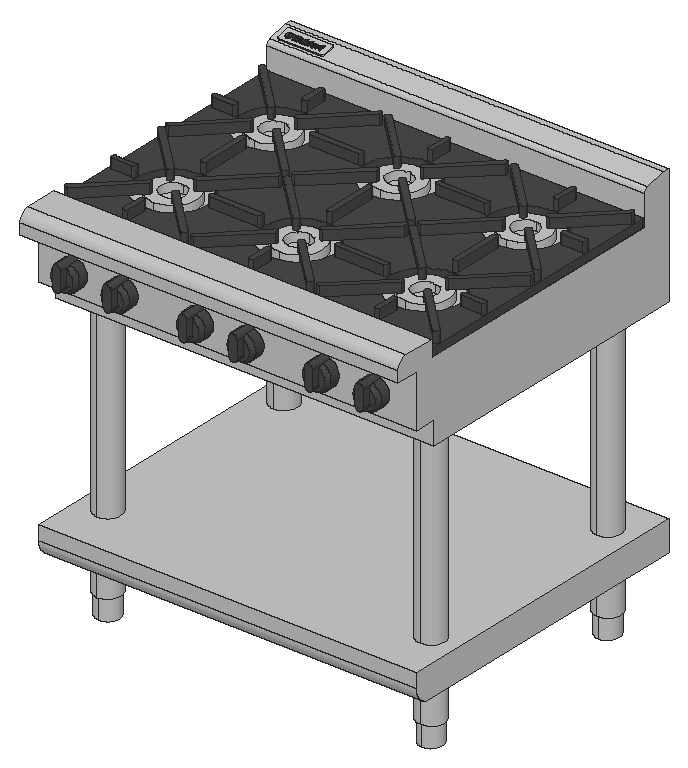
Revit family "QF_MOFFAT WALDORF_RNL8600G-LS", category Specialty Equipment, Revit 2012 (continued)
Automatic sketch dimensions
  curve 64 to curve 68 = 62.23 mm
  curve 57 to curve 62 = 62.23 mm
  curve 121 to curve 125 = 18.816 mm
  curve 123 to curve 123 = 20.0 mm
  curve 125 to curve 128 = 15.0 mm
  curve 127 to curve 57 = 15.65 mm
  plane 7 "Center Y" to curve 64 = 142.845 mm
  plane 8 "Center X" to curve 61 = 20.549 mm
  plane 7 "Center Y" to curve 61 = 144.464 mm
  plane 8 "Center X" to curve 67 = 9.451 mm
  curve 67 to curve 61 = 0.0 mm
  curve 128 to curve 130 = 20.0 mm
  curve 64 to curve 49 = 7.155 mm
  plane 8 "Center X" to curve 74 = 20.549 mm
  curve 61 to curve 74 = 11.072 mm
  plane 8 "Center X" to curve 80 = 9.451 mm
  curve 67 to curve 80 = 11.072 mm
  curve 64 to curve 77 = 14.31 mm
  curve 57 to curve 70 = 14.31 mm
  curve 127 to curve 132 = 15.0 mm
  curve 132 to curve 133 = 20.0 mm
  curve 133 to curve 137 = 15.0 mm
  curve 68 to curve 68 = 116.17 mm
  curve 62 to curve 62 = 116.17 mm
  curve 135 to curve 138 = 20.0 mm
  curve 68 to curve 77 = 62.184 mm
  curve 62 to curve 70 = 62.184 mm
  curve 77 to curve 80 = 1.916 mm
  curve 70 to curve 74 = 1.916 mm
  plane 13 to curve 71 = 85.221 mm
  curve 74 to curve 24 = 27.791 mm
  curve 80 to curve 31 = 27.791 mm
  curve 32 to curve 82 = 0.098 mm
  curve 32 to curve 76 = 0.154 mm
  curve 23 to curve 73 = 27.88 mm
  curve 31 to curve 79 = 27.88 mm
  curve 25 to curve 72 = 29.796 mm
  curve 34 to curve 78 = 29.796 mm
  curve 75 to plane 13 = 1.906 mm
  curve 81 to plane 13 = 1.906 mm
  plane 4 "RIGHT" to curve 79 = 8.983 mm
  plane 4 "RIGHT" to curve 73 = 8.983 mm
  plane 4 "RIGHT" to curve 72 = 7.067 mm
  plane 4 "RIGHT" to curve 78 = 7.067 mm
  plane 4 "RIGHT" to curve 81 = 4.536 mm
  plane 4 "RIGHT" to curve 75 = 4.536 mm
  curve 48 to plane 5 "FRONT" = 100.0 mm
  curve 82 to plane 5 "FRONT" = 121.703 mm
  curve 56 to plane 5 "FRONT" = 121.703 mm
  curve 69 to plane 5 "FRONT" = 121.703 mm
  curve 48 to curve 51 = 24.023 mm
  curve 5 to curve 78 = 24.023 mm
  curve 51 to curve 65 = 0.0 mm
  curve 5 to curve 50 = 25.084 mm
  curve 49 to curve 77 = 25.084 mm
  curve 64 to curve 77 = 0.0 mm
  curve 82 to curve 82 = 58.757 mm
  curve 69 to curve 69 = 58.757 mm
  curve 56 to curve 56 = 58.757 mm
  curve 82 to curve 32 = 2.958 mm
  curve 56 to curve 27 = 2.958 mm
  curve 69 to curve 29 = 2.958 mm
  curve 27 to curve 37 = 27.082 mm
  curve 29 to curve 35 = 27.082 mm
  curve 31 to curve 33 = 27.082 mm
  curve 37 to curve 51 = 26.66 mm
  curve 36 to curve 65 = 26.66 mm
  curve 34 to curve 78 = 26.66 mm
  curve 38 to curve 50 = 27.721 mm
  curve 33 to curve 77 = 27.721 mm
  curve 35 to curve 64 = 27.721 mm
  curve 78 to curve 81 = 30.017 mm
  curve 77 to curve 68 = 28.957 mm
  curve 50 to curve 55 = 28.957 mm
  curve 50 to curve 28 = 29.279 mm
  curve 64 to curve 30 = 29.279 mm
  curve 77 to curve 32 = 29.279 mm
  curve 65 to curve 52 = 31.077 mm
  curve 27 to curve 54 = 27.778 mm
  curve 31 to curve 79 = 27.778 mm
  curve 29 to curve 67 = 27.778 mm
  curve 29 to curve 66 = 27.778 mm
  curve 27 to curve 53 = 27.778 mm
  curve 31 to curve 80 = 27.778 mm
  curve 32 to curve 76 = 4.009 mm
  curve 29 to curve 63 = 4.009 mm
  curve 28 to curve 46 = 4.009 mm
  plane 8 "Center X" to curve 79 = 5.915 mm
  plane 8 "Center X" to curve 54 = 9.451 mm
  curve 54 to curve 47 = 5.549 mm
  curve 47 to curve 44 = 5.549 mm
  curve 47 to curve 73 = 9.085 mm
  plane 8 "Center X" to curve 63 = 78.091 mm
  plane 8 "Center X" to curve 76 = 78.091 mm
  plane 8 "Center X" to curve 46 = 78.091 mm
  curve 46 to curve 16 = 2.826 mm
  curve 76 to curve 23 = 2.826 mm
  curve 63 to curve 19 = 2.826 mm
  curve 19 to curve 21 = 27.082 mm
  curve 23 to curve 26 = 27.082 mm
  curve 15 to curve 18 = 27.082 mm
  curve 25 to curve 74 = 29.222 mm
  curve 18 to curve 44 = 29.222 mm
  curve 22 to curve 61 = 29.222 mm
  curve 26 to curve 73 = 29.222 mm
  curve 21 to curve 60 = 29.222 mm
  curve 17 to curve 43 = 29.222 mm
  curve 43 to curve 42 = 27.04 mm
  curve 61 to curve 20 = 27.778 mm
  curve 43 to curve 15 = 27.778 mm
  curve 74 to curve 26 = 27.778 mm
  curve 44 to curve 45 = 28.101 mm
  curve 61 to curve 62 = 28.101 mm
  curve 73 to curve 75 = 28.101 mm
  curve 70 to curve 25 = 27.721 mm
  curve 39 to curve 17 = 27.721 mm
  curve 57 to curve 21 = 27.721 mm
  curve 72 to curve 25 = 26.66 mm
  curve 59 to curve 22 = 26.66 mm
  curve 41 to curve 18 = 26.66 mm
  curve 16 to curve 40 = 2.576 mm
  curve 20 to curve 58 = 2.576 mm
  curve 23 to curve 71 = 2.576 mm
  plane 1 "BACK" to curve 70 = 95.084 mm
  plane 1 "BACK" to curve 39 = 95.084 mm
  curve 57 to curve 70 = 0.0 mm
  plane 1 "BACK" to curve 41 = 94.023 mm
  curve 41 to curve 59 = 0.0 mm
  plane 1 "BACK" to curve 72 = 94.023 mm
  curve 58 to curve 58 = 60.0 mm
  curve 71 to curve 71 = 60.0 mm
  curve 40 to curve 40 = 60.0 mm
  curve 39 to curve 6 = 25.084 mm
  curve 6 to curve 7 = 14.3 mm
  curve 49 to curve 132 = 19.218 mm
  curve 131 to curve 138 = 0.0 mm
  curve 127 to curve 131 = 0.0 mm
  curve 8 to curve 12 = 4.918 mm
  curve 11 to curve 83 = 0.0 mm
  curve 126 to curve 127 = 0.0 mm
  curve 83 to curve 87 = 0.0 mm
  curve 122 to curve 123 = 0.0 mm
  curve 48 to curve 91 = 19.218 mm
  curve 118 to curve 119 = 0.0 mm
  curve 48 to curve 95 = 19.218 mm
  curve 114 to curve 115 = 0.0 mm
  curve 95 to curve 99 = 0.0 mm
  curve 110 to curve 111 = 0.0 mm
  curve 103 to curve 107 = 0.0 mm
  plane 1 "BACK" to curve 7 = 21.784 mm
  plane 1 "BACK" to curve 102 = 20.984 mm
  plane 1 "BACK" to curve 108 = 20.984 mm
  curve 98 to curve 100 = 0.0 mm
  curve 109 to curve 112 = 0.0 mm
  curve 94 to curve 96 = 0.0 mm
  curve 113 to curve 116 = 0.0 mm
  curve 101 to curve 104 = 0.0 mm
  curve 90 to curve 92 = 0.0 mm
  curve 117 to curve 120 = 0.0 mm
  curve 86 to curve 88 = 0.0 mm
  curve 121 to curve 124 = 0.0 mm
  curve 14 to curve 84 = 0.0 mm
  curve 125 to curve 128 = 0.0 mm
  curve 129 to curve 132 = 0.0 mm
  plane 1 "BACK" to curve 138 = 20.984 mm
  Extrusion 1 sketch curve to plane 5 "FRONT" = 0.0 mm
  plane 10 to Extrusion 1 sketch curve = 0.0 mm
  Extrusion 1 sketch curve to plane 9 "Base Height" = 0.0 mm
  Extrusion 1 sketch curve to plane 6 "TOP" = 0.0 mm
  Extrusion 1 sketch curve to plane 1 "BACK" = 0.0 mm  (x2)
  Extrusion 1 sketch curve to plane 5 "FRONT" = 24.0 mm
  Extrusion 1 sketch curve to plane 5 "FRONT" = 56.0 mm  (x2)
  Extrusion 1 sketch curve to Extrusion 1 sketch curve = 38.0 mm
  Extrusion 1 sketch curve to Extrusion 1 sketch curve = 44.0 mm
  Extrusion 1 sketch curve to Extrusion 1 sketch curve = 50.0 mm  (x2)
  plane 1 "BACK" to Extrusion 1 sketch curve = 70.0 mm
  Extrusion 1 sketch curve to Extrusion 1 sketch curve = 8.894 mm
  Extrusion 1 sketch curve to Extrusion 1 sketch curve = 3.106 mm
  plane 1 "BACK" to Extrusion 1 sketch curve = 15.0 mm
  plane 9 "Base Height" to Extrusion 1 sketch curve = 72.5 mm
  Extrusion 1 sketch curve to Extrusion 1 sketch curve = 206.0 mm
  Extrusion 1 sketch curve to Extrusion 1 sketch curve = 55.0 mm
  Extrusion 1 sketch curve to Extrusion 1 sketch curve = 25.0 mm
  plane 10 to Extrusion 1 sketch curve = 40.0 mm
  Extrusion 1 sketch curve to plane 6 "TOP" = 23.945 mm
  Revolve 2 sketch curve to plane 5 "FRONT" = 56.0 mm
  Revolve 2 sketch curve to Revolve 2 sketch curve = 10.0 mm
  Revolve 2 sketch curve to Revolve 2 sketch curve = 21.3 mm
  Revolve 2 sketch curve to plane 5 "FRONT" = 23.0 mm
  Revolve 2 sketch curve to plane 5 "FRONT" = 12.0 mm
  Revolve 2 sketch curve to Revolve 2 sketch curve = 0.0 mm  (x2)
  plane 10 to Revolve 2 sketch curve = 117.895 mm
  Revolve 2 sketch curve to Revolve 2 sketch curve = 5.0 mm
  Revolve 2 sketch curve to Revolve 2 sketch curve = 26.651 mm
  Revolve 2 sketch curve to Revolve 2 sketch curve = 5.849 mm
  plane 12 to Extrusion 3 sketch curve = 135.0 mm
  Extrusion 3 sketch curve to Extrusion 3 sketch curve = 10.0 mm
  plane 10 to Extrusion 3 sketch curve = 129.997 mm
  Extrusion 3 sketch curve to Extrusion 3 sketch curve = 38.997 mm
  plane 1 "BACK" to Extrusion 4 sketch curve = 32.0 mm
  plane 13 to Extrusion 4 sketch curve = 65.0 mm
  Revolve 5 sketch curve to plane 5 "FRONT" = 12.0 mm
  Revolve 5 sketch curve to Revolve 5 sketch curve = 0.0 mm  (x2)
  Revolve 5 sketch curve to Revolve 5 sketch curve = 11.0 mm
  Revolve 5 sketch curve to Revolve 5 sketch curve = 12.7 mm
  Revolve 5 sketch curve to Revolve 5 sketch curve = 23.0 mm
  Revolve 5 sketch curve to Revolve 5 sketch curve = 10.0 mm
  plane 10 to Revolve 5 sketch curve = 85.627 mm
  Revolve 5 sketch curve to Revolve 5 sketch curve = 5.849 mm
  Revolve 5 sketch curve to Revolve 5 sketch curve = 27.5 mm
  Revolve 5 sketch curve to Revolve 5 sketch curve = 5.0 mm
  plane 12 to Extrusion 6 sketch curve = 35.0 mm
  Extrusion 6 sketch curve to Extrusion 6 sketch curve = 10.0 mm
  plane 10 to Extrusion 6 sketch curve = 91.0 mm
  Extrusion 6 sketch curve to Extrusion 6 sketch curve = 39.0 mm
  Extrusion 1 to Extrusion 7 sketch curve = 1.0 mm  (x2)
  Extrusion 7 sketch curve to Extrusion 7 sketch curve = 3.0 mm  (x2)
  Extrusion 1 to Extrusion 7 sketch curve = 167.5 mm  (x3)
  Extrusion 7 sketch curve to Extrusion 1 = 167.5 mm  (x3)
  Extrusion 7 sketch curve to Extrusion 1 = 4.0 mm  (x2)
  Extrusion 7 sketch curve to Extrusion 1 = 1.0 mm
  Extrusion 1 to Extrusion 7 sketch curve = 150.0 mm  (x4)
  Extrusion 7 sketch curve to Extrusion 7 sketch curve = 300.0 mm
  Extrusion 8 sketch curve to Extrusion 7 = 22.602 mm  (x6)
  Extrusion 8 sketch curve to Extrusion 7 = 25.398 mm  (x6)
  Extrusion 8 sketch curve to Extrusion 8 sketch curve = 4.525 mm  (x48)
  Extrusion 8 sketch curve to Extrusion 8 sketch curve = 49.204 mm  (x5)
  Extrusion 8 sketch curve to Extrusion 8 sketch curve = 55.923 mm  (x22)
  Extrusion 8 sketch curve to Extrusion 8 sketch curve = 0.0 mm  (x18)
  Extrusion 8 sketch curve to Extrusion 8 sketch curve = 20.524 mm  (x17)
  Extrusion 8 sketch curve to Extrusion 7 = 7.898 mm  (x4)
  Extrusion 8 sketch curve to Extrusion 8 sketch curve = 6.4 mm  (x17)
  Extrusion 8 sketch curve to Extrusion 8 sketch curve = 53.847 mm  (x24)
  Extrusion 8 sketch curve to Extrusion 7 = 5.102 mm  (x5)
  Extrusion 8 sketch curve to Extrusion 8 sketch curve = 128.447 mm  (x10)
  Extrusion 8 sketch curve to Extrusion 8 sketch curve = 12.205 mm  (x14)
  Extrusion 8 sketch curve to Extrusion 7 = 14.153 mm  (x3)
  Extrusion 8 sketch curve to Extrusion 8 sketch curve = 116.204 mm  (x7)
  Extrusion 8 sketch curve to Extrusion 7 = 31.653 mm  (x4)
  Extrusion 8 sketch curve to Extrusion 7 = 57.102 mm  (x2)
  Extrusion 1 to Split face 1 sketch curve = 5.177 mm
  Split face 1 sketch curve to Extrusion 1 = 9.153 mm
  Split face 1 sketch curve to Extrusion 1 = 149.562 mm
  Split face 1 sketch curve to Split face 1 sketch curve = 20.0 mm
  Revolve 9 sketch curve to plane 5 "FRONT" = 56.0 mm
  Revolve 9 sketch curve to Revolve 9 sketch curve = 10.0 mm
  Revolve 9 sketch curve to Revolve 9 sketch curve = 21.3 mm
  Revolve 9 sketch curve to plane 5 "FRONT" = 23.0 mm
  Revolve 9 sketch curve to plane 5 "FRONT" = 12.0 mm
  Revolve 9 sketch curve to Revolve 9 sketch curve = 0.0 mm  (x2)
  plane 10 to Revolve 9 sketch curve = 117.895 mm
  Revolve 9 sketch curve to Revolve 9 sketch curve = 5.0 mm
  Revolve 9 sketch curve to Revolve 9 sketch curve = 26.651 mm
  Revolve 9 sketch curve to Revolve 9 sketch curve = 5.849 mm
  plane 7 "Center Y" to Extrusion 10 sketch curve = 50.0 mm
  Extrusion 10 sketch curve to Extrusion 10 sketch curve = 10.0 mm
  plane 10 to Extrusion 10 sketch curve = 129.997 mm
  Extrusion 10 sketch curve to Extrusion 10 sketch curve = 38.997 mm
  Revolve 11 sketch curve to plane 5 "FRONT" = 12.0 mm
  Revolve 11 sketch curve to Revolve 11 sketch curve = 0.0 mm  (x2)
  Revolve 11 sketch curve to Revolve 11 sketch curve = 11.0 mm
  Revolve 11 sketch curve to Revolve 11 sketch curve = 12.7 mm
  Revolve 11 sketch curve to Revolve 11 sketch curve = 23.0 mm
  Revolve 11 sketch curve to Revolve 11 sketch curve = 10.0 mm
  plane 10 to Revolve 11 sketch curve = 85.627 mm
  Revolve 11 sketch curve to Revolve 11 sketch curve = 5.849 mm
  Revolve 11 sketch curve to Revolve 11 sketch curve = 27.5 mm
  Revolve 11 sketch curve to Revolve 11 sketch curve = 5.0 mm
  Extrusion 12 sketch curve to plane 7 "Center Y" = 50.0 mm
  Extrusion 12 sketch curve to Extrusion 12 sketch curve = 10.0 mm
  plane 10 to Extrusion 12 sketch curve = 91.0 mm
  Extrusion 12 sketch curve to Extrusion 12 sketch curve = 39.0 mm
  Revolve 13 sketch curve to Revolve 13 sketch curve = 23.0 mm
  Revolve 13 sketch curve to Revolve 13 sketch curve = 12.7 mm
  Revolve 13 sketch curve to Revolve 13 sketch curve = 0.0 mm  (x2)
  plane 10 to Revolve 13 sketch curve = 117.895 mm
  Revolve 13 sketch curve to Revolve 13 sketch curve = 5.0 mm
  Revolve 13 sketch curve to Revolve 13 sketch curve = 26.651 mm
  Revolve 13 sketch curve to Revolve 13 sketch curve = 5.849 mm
  plane 13 to Extrusion 14 sketch curve = 35.0 mm
  Extrusion 14 sketch curve to Extrusion 14 sketch curve = 10.0 mm
  plane 10 to Extrusion 14 sketch curve = 129.997 mm
  Extrusion 14 sketch curve to Extrusion 14 sketch curve = 38.997 mm
  Revolve 15 sketch curve to plane 5 "FRONT" = 12.0 mm
  Revolve 15 sketch curve to Revolve 15 sketch curve = 0.0 mm  (x2)
  Revolve 15 sketch curve to Revolve 15 sketch curve = 11.0 mm
  Revolve 15 sketch curve to Revolve 15 sketch curve = 12.7 mm
  Revolve 15 sketch curve to Revolve 15 sketch curve = 23.0 mm
  Revolve 15 sketch curve to Revolve 15 sketch curve = 10.0 mm
  plane 10 to Revolve 15 sketch curve = 85.627 mm
  Revolve 15 sketch curve to Revolve 15 sketch curve = 5.849 mm
  Revolve 15 sketch curve to Revolve 15 sketch curve = 27.5 mm
  Revolve 15 sketch curve to Revolve 15 sketch curve = 5.0 mm
  plane 13 to Extrusion 16 sketch curve = 135.0 mm
  Extrusion 16 sketch curve to Extrusion 16 sketch curve = 10.0 mm
  plane 10 to Extrusion 16 sketch curve = 91.0 mm
  Extrusion 16 sketch curve to Extrusion 16 sketch curve = 39.0 mm
  Revolve 17 sketch curve to plane 9 "Base Height" = 0.0 mm
  Revolve 17 sketch curve to level = 0.0 mm
  level to Revolve 17 sketch curve = 50.0 mm
  plane 1 "BACK" to Revolve 17 sketch curve = 131.75 mm
  Revolve 17 sketch curve to Revolve 17 sketch curve = 4.25 mm
  Revolve 17 sketch curve to Revolve 17 sketch curve = 27.5 mm  (x2)
  Revolve 17 sketch curve to Revolve 17 sketch curve = 55.0 mm
  Revolve 17 sketch curve to Revolve 17 sketch curve = 0.0 mm
  Revolve 18 sketch curve to plane 9 "Base Height" = 0.0 mm
  Revolve 18 sketch curve to level = 0.0 mm
  level to Revolve 18 sketch curve = 50.0 mm
  Revolve 18 sketch curve to plane 5 "FRONT" = 148.25 mm
  Revolve 18 sketch curve to Revolve 18 sketch curve = 4.25 mm
  Revolve 18 sketch curve to Revolve 18 sketch curve = 27.5 mm  (x2)
  Revolve 18 sketch curve to Revolve 18 sketch curve = 55.0 mm
  Revolve 18 sketch curve to Revolve 18 sketch curve = 0.0 mm
  Revolve 19 sketch curve to plane 9 "Base Height" = 0.0 mm
  Revolve 19 sketch curve to level = 0.0 mm
  level to Revolve 19 sketch curve = 50.0 mm
  plane 1 "BACK" to Revolve 19 sketch curve = 131.75 mm
  Revolve 19 sketch curve to Revolve 19 sketch curve = 4.25 mm
  Revolve 19 sketch curve to Revolve 19 sketch curve = 27.5 mm  (x2)
  Revolve 19 sketch curve to Revolve 19 sketch curve = 0.0 mm
  Revolve 19 sketch curve to Revolve 19 sketch curve = 55.0 mm
  Revolve 20 sketch curve to plane 9 "Base Height" = 0.0 mm
  Revolve 20 sketch curve to level = 0.0 mm
  level to Revolve 20 sketch curve = 50.0 mm
  Revolve 20 sketch curve to plane 5 "FRONT" = 148.25 mm
  Revolve 20 sketch curve to Revolve 20 sketch curve = 4.25 mm
  Revolve 20 sketch curve to Revolve 20 sketch curve = 27.5 mm  (x2)
  Revolve 20 sketch curve to Revolve 20 sketch curve = 0.0 mm
  Revolve 20 sketch curve to Revolve 20 sketch curve = 55.0 mm
  Extrusion 21 sketch curve to Extrusion 21 sketch curve = 0.0 mm  (x8)
  Extrusion 21 sketch curve to plane 12 = 0.0 mm  (x2)
  Extrusion 21 sketch curve to plane 13 = 0.0 mm  (x2)
  plane 1 "BACK" to Extrusion 21 sketch curve = 68.25 mm  (x2)
  Extrusion 21 sketch curve to Extrusion 21 sketch curve = 31.75 mm  (x4)
  Extrusion 21 sketch curve to plane 8 "Center X" = 190.75 mm  (x2)
  Extrusion 1 to Split face 2 sketch curve = 5.177 mm
  Split face 2 sketch curve to Extrusion 1 = 9.153 mm
  Split face 2 sketch curve to Extrusion 1 = 184.562 mm
  Split face 2 sketch curve to Split face 2 sketch curve = 20.0 mm
  Extrusion 1 to Split face 3 sketch curve = 5.177 mm
  Split face 3 sketch curve to Extrusion 1 = 9.153 mm
  Split face 3 sketch curve to Extrusion 1 = 219.562 mm
  Split face 3 sketch curve to Split face 3 sketch curve = 20.0 mm
  Extrusion 1 to Split face 4 sketch curve = 5.177 mm
  Split face 4 sketch curve to Extrusion 1 = 9.153 mm
  Split face 4 sketch curve to Extrusion 1 = 254.562 mm
  Split face 4 sketch curve to Split face 4 sketch curve = 20.0 mm
  Extrusion 1 to Split face 5 sketch curve = 5.177 mm
  Split face 5 sketch curve to Extrusion 1 = 9.153 mm
  Split face 5 sketch curve to Extrusion 1 = 289.562 mm
  Split face 5 sketch curve to Split face 5 sketch curve = 20.0 mm
  Extrusion 1 to Split face 6 sketch curve = 5.177 mm
  Split face 6 sketch curve to Extrusion 1 = 9.153 mm
  Split face 6 sketch curve to Extrusion 1 = 324.562 mm
  Split face 6 sketch curve to Split face 6 sketch curve = 20.0 mm
  Extrusion 1 to Split face 7 sketch curve = 5.177 mm
  Split face 7 sketch curve to Extrusion 1 = 9.153 mm
  Split face 7 sketch curve to Extrusion 1 = 359.562 mm
  Split face 7 sketch curve to Split face 7 sketch curve = 20.0 mm
  Extrusion 1 to Split face 8 sketch curve = 5.177 mm
  Split face 8 sketch curve to Extrusion 1 = 9.153 mm
  Split face 8 sketch curve to Extrusion 1 = 398.379 mm
  Split face 8 sketch curve to Split face 8 sketch curve = 20.0 mm
  Extrusion 1 to Split face 9 sketch curve = 5.177 mm
  Split face 9 sketch curve to Extrusion 1 = 9.153 mm
  Split face 9 sketch curve to Extrusion 1 = 433.379 mm
  Split face 9 sketch curve to Split face 9 sketch curve = 20.0 mm
  Extrusion 1 to Split face 10 sketch curve = 5.177 mm
  Split face 10 sketch curve to Extrusion 1 = 9.153 mm
  Split face 10 sketch curve to Extrusion 1 = 431.621 mm
  Split face 10 sketch curve to Split face 10 sketch curve = 20.0 mm
  Extrusion 1 to Split face 11 sketch curve = 5.177 mm
  Split face 11 sketch curve to Extrusion 1 = 9.153 mm
  Split face 11 sketch curve to Extrusion 1 = 396.621 mm
  Split face 11 sketch curve to Split face 11 sketch curve = 20.0 mm
  Extrusion 1 to Split face 12 sketch curve = 5.177 mm
  Split face 12 sketch curve to Extrusion 1 = 9.153 mm
  Split face 12 sketch curve to Extrusion 1 = 357.805 mm
  Split face 12 sketch curve to Split face 12 sketch curve = 20.0 mm
  Extrusion 1 to Split face 13 sketch curve = 5.177 mm
  Split face 13 sketch curve to Extrusion 1 = 9.153 mm
  Split face 13 sketch curve to Extrusion 1 = 322.805 mm
  Split face 13 sketch curve to Split face 13 sketch curve = 20.0 mm
  Extrusion 1 to Split face 14 sketch curve = 5.177 mm
  Split face 14 sketch curve to Extrusion 1 = 9.153 mm
  Split face 14 sketch curve to Extrusion 1 = 287.805 mm
  Split face 14 sketch curve to Split face 14 sketch curve = 20.0 mm
  Extrusion 1 to Split face 15 sketch curve = 5.177 mm
  Split face 15 sketch curve to Extrusion 1 = 9.153 mm
  Split face 15 sketch curve to Extrusion 1 = 252.805 mm
  Split face 15 sketch curve to Split face 15 sketch curve = 20.0 mm
  Extrusion 7 sketch curve to Extrusion 7 sketch curve = 0.0 mm
  Extrusion 22 sketch curve to Extrusion 22 sketch curve = 0.0 mm  (x73)
  Extrusion 1 to Extrusion 22 sketch curve = 110.5 mm  (x3)
  Extrusion 22 sketch curve to Extrusion 22 sketch curve = 27.0 mm  (x6)
  Extrusion 22 sketch curve to Extrusion 22 sketch curve = 30.0 mm  (x6)
  Extrusion 22 sketch curve to Extrusion 22 sketch curve = 186.0 mm  (x3)
  Extrusion 1 to Extrusion 22 sketch curve = 150.0 mm  (x4)
  Extrusion 22 sketch curve to Extrusion 22 sketch curve = 300.0 mm
  curve 15 to curve 139 = 0.0 mm  (x2)
  curve 17 to curve 140 = 27.0 mm
  curve 19 to curve 141 = 0.0 mm  (x2)
  curve 21 to curve 142 = 27.0 mm
  curve 23 to curve 143 = 0.0 mm  (x2)
  curve 25 to curve 143 = 27.0 mm
  curve 31 to curve 145 = 0.0 mm  (x2)
  curve 33 to curve 146 = 27.0 mm
  curve 29 to curve 147 = 0.0 mm  (x2)
  curve 35 to curve 147 = 27.0 mm
  curve 27 to curve 149 = 0.0 mm  (x2)
  curve 37 to curve 149 = 27.0 mm
  radius of Extrusion 4 sketch curve = 13.5 mm
  radius of Extrusion 7 sketch curve = 84.082 mm  (x6)
Nested families
  nested 1: "RNL8600G-LS-CASTERS" at (65, -100, 0), Show Casters <- "Show Casters", visible <- "Show Casters", type "RNL8600G-LS-CASTERS"
    with Type Mark "", Status "", Specification by User "", Show Casters no, Revision Code "", Item Number "", Installed By "", Identify Quantity as Lot yes, Furnished By "", Foodservice Equipment Identifier yes
  nested 2: "RNL8600G-LS-CASTERS" at (835, -100, 0), Show Casters <- "Show Casters", visible <- "Show Casters", type "RNL8600G-LS-CASTERS"
    with Type Mark "", Status "", Specification by User "", Show Casters no, Revision Code "", Item Number "", Installed By "", Identify Quantity as Lot yes, Furnished By "", Foodservice Equipment Identifier yes
  nested 3: "WALDORF LOGO_FACE BASE" at (12.5, -23.204, 967.802) x (1, 0, 0) z (0, -0.2588, 0.9659), visible <- "Show Logo", type "WALDORF LOGO_FACE BASE", detail levels medium+fine
    with Show Logo yes
Connectors
  piping at (770, -32, 655)
    settings: on Extrusion 4, index 3, connector radius 0.37402", flow factor 0, pipe flow 0 GPM, pressure drop 0.00 psi, fitting loss kfactor 0, connector angle 0.00°, fixture units 0, engagement length 0.0 mm, flow configuration 1, flow direction 1, fitting loss method 0, system type 7, joint type 0, gender type 0, connector reference index -1, connector utility 0, adjustable connector no, is connector primary yes, fitting loss table "", connector description "GAS CONNECTION"
Definition of nested family "WALDORF LOGO_FACE BASE"
  Parameters (values of type "WALDORF LOGO_FACE BASE")
    Show Logo [instance] = yes
    Default Elevation = 1219.2 mm
  Reference planes
    plane 1 "Center (Front/Back)": y = 0
    plane 2: z = 0
    plane 3 "Center (Left/Right)": x = 0
  Forms (mm)
    Extrusion 1, solid
      sketch origin (0, 0, 0) x (1, 0, 0) y (0, 1, 0)
        loop
          line (-1219.2, 1219.2) -> (-1219.2, -1219.2) -> (1219.2, -1219.2) -> (1219.2, 1219.2) -> (-1219.2, 1219.2)
      from 0 to -304.8
    Extrusion 2, solid, material "QF_Finishes_Stainless Steel", visible <- "Show Logo"
      sketch origin (0, -33.217, 0) x (1, 0, 0) y (0, 1, 0)
        loop
          arc (5, 34.14) -> (1.464, 32.676) -> (0, 29.14) r 5
          line (0, 29.14) -> (0, 5)
          arc (0, 5) -> (1.464, 1.464) -> (5, 0) r 5
          line (5, 0) -> (104, 0)
          arc (104, 0) -> (107.536, 1.464) -> (109, 5) r 5
          line (109, 5) -> (109, 29.14)
          arc (109, 29.14) -> (107.536, 32.676) -> (104, 34.14) r 5
          line (104, 34.14) -> (5, 34.14)
      from 0 to 1.588
    Extrusion 3, solid, material "QF_Finishes_Black", visible <- "Show Logo"
      sketch origin (0, -33.217, 1.588) x (1, 0, 0) y (0, 1, 0)
        loop
          line (24.772, 23.214) -> (27.992, 10.301) -> (31.551, 10.301) -> (33.443, 17.364) -> (35.205, 10.301) -> (39.332, 10.301) -> (42.077, 23.214) -> (38.352, 23.214) -> (36.676, 15.33) -> (35, 23.214) -> (31.752, 23.214) -> (30.076, 15.33) -> (28.4, 23.214) -> (24.772, 23.214)
        loop
          line (42.272, 17.055) -> (45.703, 17.055)
          spline (45.703, 17.055) -> (45.741, 17.285) -> (45.852, 17.499) -> (46.028, 17.682) -> (46.258, 17.823) -> (46.526, 17.912) -> (46.813, 17.942) -> (47.1, 17.912) -> (47.368, 17.823) -> (47.597, 17.682) -> (47.774, 17.499) -> (47.884, 17.285) -> (47.922, 17.055)
          line (47.922, 17.055) -> (47.922, 16.222)
          arc (47.922, 16.222) -> (45.742, 16.014) -> (43.665, 15.317) r 9.604
          arc (43.665, 15.317) -> (41.924, 12.809) -> (43.665, 10.301) r 2.677
          arc (43.665, 10.301) -> (45.527, 10.353) -> (47.332, 10.816) r 8.365
          line (47.332, 10.816) -> (48.092, 11.105) -> (48.092, 10.301) -> (51.817, 10.301) -> (51.817, 17.055)
          spline (51.817, 17.055) -> (51.654, 17.821) -> (51.178, 18.535) -> (50.419, 19.148) -> (49.431, 19.619) -> (48.28, 19.914) -> (47.044, 20.015) -> (45.809, 19.914) -> (44.658, 19.619) -> (43.67, 19.148) -> (42.911, 18.535) -> (42.434, 17.821) -> (42.272, 17.055)
        loop
          line (53.151, 23.214) -> (53.151, 10.301) -> (57.37, 10.301) -> (57.37, 23.214) -> (53.151, 23.214)
        loop
          line (64.874, 23.214) -> (64.874, 18.857)
          arc (64.874, 18.857) -> (58.083, 15.11) -> (64.874, 11.363) r 4.429
          line (64.874, 11.363) -> (64.874, 10.301) -> (68.378, 10.301) -> (68.378, 23.214) -> (64.874, 23.214)
        loop
          arc (64.874, 16.083) -> (61.41, 14.987) -> (64.874, 13.891) r 1.905
          line (64.874, 13.891) -> (64.874, 16.083)
        loop
          circle (74.623, 15.223) r 5
        loop
          spline (74.623, 17.856) -> (74.355, 17.766) -> (74.105, 17.503) -> (73.891, 17.084) -> (73.726, 16.539) -> (73.623, 15.904) -> (73.588, 15.223) -> (73.623, 14.541) -> (73.726, 13.906) -> (73.891, 13.361) -> (74.105, 12.942) -> (74.355, 12.679) -> (74.623, 12.59)
          spline (74.623, 12.59) -> (74.891, 12.679) -> (75.141, 12.942) -> (75.355, 13.361) -> (75.52, 13.906) -> (75.623, 14.541) -> (75.659, 15.223) -> (75.623, 15.904) -> (75.52, 16.539) -> (75.355, 17.084) -> (75.141, 17.503) -> (74.891, 17.766) -> (74.623, 17.856)
        loop
          line (81.255, 19.813) -> (81.255, 10.301) -> (84.834, 10.301) -> (84.834, 14.176)
          arc (84.834, 14.176) -> (85.854, 16.093) -> (88.013, 16.32) r 2.313
          line (88.013, 16.32) -> (88.013, 19.813) -> (87.161, 19.813)
          arc (87.161, 19.813) -> (85.526, 19.266) -> (84.549, 17.844) r 2.717
          line (84.549, 17.844) -> (84.549, 19.813) -> (81.255, 19.813)
        loop
          line (90.249, 19.813) -> (88.91, 19.813) -> (88.91, 17.614) -> (90.249, 17.614) -> (90.249, 10.301) -> (93.998, 10.301) -> (93.998, 17.614) -> (95.418, 17.614) -> (95.418, 19.813) -> (93.998, 19.813)
          arc (93.998, 19.813) -> (94.414, 20.817) -> (95.418, 21.233) r 1.42
          line (95.418, 21.233) -> (95.418, 23.602) -> (93.317, 23.602)
          arc (93.317, 23.602) -> (91.343, 22.903) -> (90.249, 21.118) r 3.137
          line (90.249, 21.118) -> (90.249, 19.813)
        loop
          arc (15.241, 23.571) -> (8.392, 16.525) -> (15.241, 9.479) r 7.049
          line (15.241, 9.479) -> (15.241, 23.571)
        loop
          line (15.641, 23.571) -> (15.641, 9.479)
          arc (15.641, 9.479) -> (22.49, 16.525) -> (15.641, 23.571) r 7.049
        loop
          arc (47.922, 14.711) -> (46.266, 13.749) -> (47.922, 12.787) r 1.107
          line (47.922, 12.787) -> (47.922, 14.711)
      from 0 to 0.2
  Dimensions and locks
    aligned and locked: plane 2 to Extrusion 1
    aligned and locked: level to Extrusion 1
Definition of nested family "RNL8600G-LS-CASTERS"
  Parameters (values of type "BTL8450-CB-CASTERS")
    Weight = ""
    URL Manufacturer = ""
    URL Cutsheet = ""
    URL = ""
    Type Mark [instance] = ""
    Status [instance] = ""
    Specification by User [instance] = ""
    Specification by Manufacturer = ""
    Show Casters [instance] = no
    Serial Number = ""
    Seismic Rating = ""
    SMACNA No = ""
    Revision Code [instance] = ""
    Omniclass Number and Title = ""
    NAFEM Spec ID Number = ""
    Model = ""
    MasterSpec. = ""
    Manufacturer = ""
    Item Number [instance] = ""
    Installed By [instance] = ""
    Identify Quantity as Lot [instance] = yes
    Furnished By [instance] = ""
    Foodservice Equipment Identifier [instance] = yes
    Description = ""
    CSI MasterFormat = ""
    CSI Master Format = ""
    Assembly Code = ""
  Reference planes
    plane 1: z = 0
    plane 2 "RIGHT": x = 0
    plane 3 "FRONT": y = 0
    plane 4 "TOP": z = 177.8
  Forms (mm)
    Revolve 1, solid, material "QF_Finishes_Stainless Steel", visible <- "Show Casters"
      sketch origin (0, 56.335, 0) x (0, 1, 0) y (0, 0, 1)
        loop
          line (-56.335, 152.4) -> (-56.335, 141.118) -> (-23.798, 141.118) -> (-23.798, 152.4) -> (-56.335, 152.4)
        axis (-56.335, 141.118) -> (-56.335, 152.4)
      angle from 0 to 360
    Extrusion 2, solid, material "QF_Finishes_Stainless Steel", visible <- "Show Casters"
      sketch origin (-46.049, 56.335, 0) x (0, 1, 0) y (0, 0, 1)
        loop
          line (-85.799, 141.118) -> (-85.799, 133.498) -> (-82.136, 133.498)
          arc (-82.136, 133.498) -> (-79.344, 132.328) -> (-77.146, 130.248) r 8.432
          line (-77.146, 130.248) -> (-39.502, 49.52)
          arc (-39.502, 49.52) -> (-13.784, 46.107) -> (-5.673, 70.75) r 20.32
          arc (-5.673, 70.75) -> (-7.065, 73.611) -> (-8.887, 76.22) r 20.32
          arc (-8.887, 76.22) -> (-9.399, 85.377) -> (-6.626, 94.119) r 25.4
          line (-6.626, 94.119) -> (8.003, 121.632)
          arc (8.003, 121.632) -> (-2.347, 126.31) -> (-13.34, 129.167) r 66.802
          line (-13.34, 129.167) -> (-13.765, 133.498) -> (-26.871, 133.498) -> (-26.871, 141.118) -> (-85.799, 141.118)
      from 20.058 to 22.923
    Extrusion 3, solid, material "QF_Finishes_Stainless Steel", visible <- "Show Casters"
      sketch origin (3.326, 56.335, 0) x (0, 1, 0) y (0, 0, 1)
        loop
          line (-85.799, 141.118) -> (-85.799, 133.498) -> (-82.136, 133.498)
          arc (-82.136, 133.498) -> (-79.344, 132.328) -> (-77.146, 130.248) r 8.432
          line (-77.146, 130.248) -> (-39.502, 49.52)
          arc (-39.502, 49.52) -> (-13.784, 46.107) -> (-5.673, 70.75) r 20.32
          arc (-5.673, 70.75) -> (-7.065, 73.611) -> (-8.887, 76.22) r 20.32
          arc (-8.887, 76.22) -> (-9.399, 85.377) -> (-6.626, 94.119) r 25.4
          line (-6.626, 94.119) -> (8.003, 121.632)
          arc (8.003, 121.632) -> (-2.347, 126.31) -> (-13.34, 129.167) r 66.802
          line (-13.34, 129.167) -> (-13.765, 133.498) -> (-26.871, 133.498) -> (-26.871, 141.118) -> (-85.799, 141.118)
      from 20.058 to 22.923
    Extrusion 4, solid, material "QF_Finishes_Stainless Steel", visible <- "Show Casters"
      sketch origin (-49.224, 56.335, 0) x (0, 1, 0) y (0, 0, 1)
        loop
          line (-85.799, 141.118) -> (-85.799, 133.498) -> (-82.136, 133.498) -> (-18.877, 127.964) -> (7.14, 120.01) -> (8.003, 121.632)
          arc (8.003, 121.632) -> (-2.347, 126.31) -> (-13.34, 129.167) r 66.802
          line (-13.34, 129.167) -> (-13.765, 133.498) -> (-26.871, 133.498) -> (-26.871, 141.118) -> (-85.799, 141.118)
      from 26.098 to 72.56
    Revolve 5, solid, material "QF_Finishes_Stainless Steel", visible <- "Show Casters"
      sketch origin (-49.224, 30.821, 0) x (1, 0, 0) y (0, 0, 1)
        loop
          line (14.841, 63.604) -> (83.584, 63.604) -> (83.584, 67.109) -> (82.314, 68.379) -> (80.79, 68.379) -> (80.79, 71.826) -> (68.644, 71.826) -> (68.644, 81.79) -> (65.088, 83.843) -> (61.683, 104.879) -> (65.881, 104.879) -> (65.881, 111.229) -> (65.088, 111.229) -> (65.088, 117.579)
          arc (65.088, 117.579) -> (62.298, 124.314) -> (55.563, 127.104) r 9.525
          line (55.563, 127.104) -> (42.863, 127.104)
          arc (42.863, 127.104) -> (36.127, 124.314) -> (33.338, 117.579) r 9.525
          line (33.338, 117.579) -> (33.338, 111.229) -> (32.544, 111.229) -> (32.544, 104.879) -> (36.742, 104.879) -> (33.352, 83.932) -> (29.782, 81.871) -> (29.782, 71.826) -> (17.635, 71.826) -> (17.635, 68.379) -> (16.111, 68.379) -> (14.841, 67.109) -> (14.841, 63.604)
        axis (14.841, 63.604) -> (83.584, 63.604)
      angle from 0 to 360
  Cuts and joins
    joined: Extrusion 2, Extrusion 3, Extrusion 4
  Lines and regions (mm)
    symbolic lines, style "SpecialityEquipmentHiddenLines", visible <- "Show Casters"
      curve 1: line (18.009, 67.053, 0) -> (45.595, 51.127, 0)
      curve 2: line (-45.491, -42.932, 0) -> (18.009, 67.053, 0)
      curve 3: line (-17.905, -58.859, 0) -> (-45.491, -42.932, 0)
      curve 4: line (45.595, 51.127, 0) -> (-17.905, -58.859, 0)
  Dimensions and locks
    plane 4 "TOP" to level = 177.8 mm  (x2)
    Revolve 5 sketch curve to Revolve 5 sketch curve = 63.5 mm
    aligned and locked: level to plane 1
